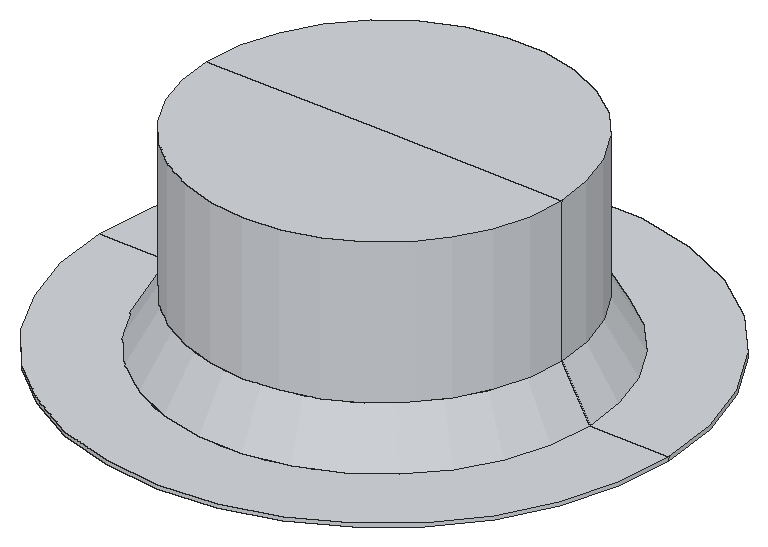
Revit family "Alcon-14008-4-Revit-Family", category Lighting Fixtures, host Ceiling, Revit 2021
Family settings
  Host = Ceiling
  Round Connector Dimension = Use Diameter
  Part Type = Normal
  OmniClass Number = 23.80.70.11
  OmniClass Title = Luminaries for Internal Lighting
  Always vertical = Yes
  Cut with Voids When Loaded = No
  Light Source = Yes
  Shared = No
  Room Calculation Point = No
Parameters (values of type "Type 1")
  Wattage = 9.2903 W
  built-in parameter 1150110 = 1 (stored number, unit not read)
  built-in parameter 1114217 = 1 (stored number, unit not read)
  Tilt Angle = 60.00°
  built-in parameter 1150109 = 1 (stored number, unit not read)
  built-in parameter 1150134 = (empty or 0)
  built-in parameter 1150113 = 1 (stored number, unit not read)
  built-in parameter 1010507 = 1.5708 (stored number, unit not read)
  built-in parameter 1010506 = 0.5236 (stored number, unit not read)
  Product Identity = "Alcon Lighting 14008-4"
  Manufacturer = "Alcon Light"
  Lumens = 1380 lm
  built-in parameter 1150115 = 1 (stored number, unit not read)
  built-in parameter 1150105 = 4614.1 (stored number, unit not read)
  Link To Product Page = "https://www.alconlighting.com/escala-14008-4.html"
  LightSource = none
  Light Source Symbol Length = 10' - 0"
  built-in parameter 1150137 = (empty or 0)
  built-in parameter 1150139 = (empty or 0)
  Lens = none
  built-in parameter 1150112 = 1 (stored number, unit not read)
  built-in parameter 1150114 = 1 (stored number, unit not read)
  built-in parameter 1150132 = 2
  built-in parameter 1150102 = (empty or 0)
  built-in parameter 1150138 = (empty or 0)
  built-in parameter 1150107 = 3000 (stored number, unit not read)
  built-in parameter 1150106 = 46.141 (stored number, unit not read)
  Housing = none
  built-in parameter 1150104 = 13.8 (stored number, unit not read)
  Dimming Lamp Color Temperature Shift = <None>
  Default Elevation = 0' - 0"
  Color Filter = 16777215
  built-in parameter 1114218 = 1 (stored number, unit not read)
  built-in parameter 1150133 = 10 (stored number, unit not read)
Reference planes (in)
  plane 1 "Light Source Axis (F/B)": y = 0
  plane 2: z = 0
  plane 3 "Light Source Axis (L/R)": x = 0
  plane 4 "Ceiling": z = 157.79911
  plane 5 "Light Source Elevation": z = 157.10531
Forms (in)
  Revolve 1, solid, material <- "Housing"
    sketch origin (0, 0, 0) x (1, 0, 0) y (0, 0, 1)
      loop
        line (-2.56, 157.44826) -> (-2.34281, 157.35531) -> (-1.77202, 157.35531) -> (-1.47055, 157.87747) -> (-1.47055, 158.57398) -> (0, 158.57398) -> (0, 159.20531) -> (-1.59515, 159.20531) -> (-1.59515, 157.91333) -> (-1.84515, 157.48031) -> (-2.56, 157.48031) -> (-2.56, 157.44826)
      axis (0, 159.20531) -> (0, 157.35531)
    angle from 0 to 360
  Extrusion 2, solid, material <- "Lens"
    sketch origin (0, 0, 157.10531) x (-1, 0, 0) y (0, -1, 0)
      loop
        circle (0, 0) r 1.47055
    from 0.77216 to 0.80801
  Extrusion 3, solid, material <- "LightSource"
    sketch origin (0, 0, 157.10531) x (-1, 0, 0) y (0, -1, 0)
      loop
        circle (0, 0) r 1.47055
    from 1.36456 to 1.46866
Dimensions and locks (in)
  equal spacing: host sketch curve, plane 3 "Light Source Axis (L/R)", host sketch curve
  equal spacing: host sketch curve, plane 1 "Light Source Axis (F/B)", host sketch curve
  host sketch curve to host sketch curve = 13' - 1.48031"  (x2)
  host ceiling to plane 4 "Ceiling" = 0' - 0.31879"
  Revolve 1 to Revolve 1 = 0' - 5.12"
  Revolve 1 to Revolve 1 = 0' - 1.85"
  aligned and locked: plane 1 "Light Source Axis (F/B)" to imposter light
